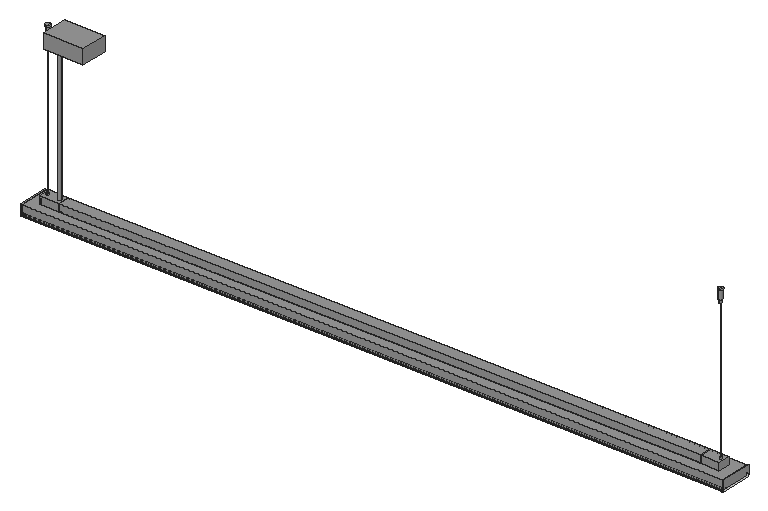
Revit family "Artemide_HoyLinearStandAlone", category Lighting Fixtures, Revit 2018
Family settings
  Round Connector Dimension = Use Diameter
  Part Type = Normal
  Work Plane-Based = Yes
  Always vertical = Yes
  Cut with Voids When Loaded = No
  Light Source = Yes
  Shared = No
  Room Calculation Point = No
Parameters (values of type "HoyLinearStandAlone_Suspended_DirectEmission_ 2309mm_4000K_Undimmable_White_BL55201")
  Wattage = 46 W
  built-in parameter 1150110 = 1 (stored number, unit not read)
  Voltage = "-"
  V_StructureForJunctionDirect+Indirect = no
  V_StructureForJunctionDirect = yes
  V_RightPowerSupplyReal [instance] = if(Ceiling, 1 = 0, V_RightPowerSupply)  # no
  V_RightPowerSupply [instance] = not(V_LeftPowerSupply)  # no
  V_RightEndCapFixing = if(and(not(Ceiling), V_RightEndCap), 1 = 1, 1 = 0)  # yes
  V_RightEndCap = yes
  V_LeftPowerSupplyReal [instance] = if(Ceiling, 1 = 0, V_LeftPowerSupply)  # yes
  V_LeftPowerSupply [instance] = yes
  V_LeftEndCapFixing = if(and(not(Ceiling), V_LeftEndCap), 1 = 1, 1 = 0)  # yes
  V_LeftEndCap = yes
  built-in parameter 1114217 = 1 (stored number, unit not read)
  Tilt Angle = 90.00°
  built-in parameter 1150109 = 1 (stored number, unit not read)
  built-in parameter 1150134 = 12
  Suspended = yes
  built-in parameter 1150113 = 1 (stored number, unit not read)
  Product Range = "Hoy Linear Stand Alone"
  Photometric Web File = "BL10201.IES"
  Max Height from ceiling = 0 mm
  M_StructureForJunctions = Artemide_Aluminum_White
  M_PowerSupply = Artemide_Aluminum_White
  M_Housing = Artemide_Aluminum_White
  M_Fixing = Artemide_Aluminum_Anodized
  M_Diffuser = Artemide_Glass_LightBulb
  built-in parameter 1150105 = 488.17 (stored number, unit not read)
  Lumens = 6134.56 lm
  built-in parameter 1150115 = 1 (stored number, unit not read)
  built-in parameter 1150137 = (empty or 0)
  built-in parameter 1150139 = (empty or 0)
  built-in parameter 1150112 = 1 (stored number, unit not read)
  built-in parameter 1150114 = 1 (stored number, unit not read)
  built-in parameter 1150132 = (empty or 0)
  built-in parameter 1150102 = (empty or 0)
  built-in parameter 1150107 = 4000 (stored number, unit not read)
  built-in parameter 1150138 = (empty or 0)
  built-in parameter 1150106 = 4.8817 (stored number, unit not read)
  IfcExportType = "NOT DEFINED"  # constant formula
  IfcExportAs = "IfcLightFixtureType"  # constant formula
  Weekly = "-"
  Warranty ID = "https://cloud.artemide.com/5-years-warranty"
  Upward Component  = 0
  Unified Glare Rating  = "-"
  Uniclass 2015 = "Pr_70_70_48"  # constant formula
  URL to O&M Manual = "-"
  URL to Energy Technology List = "-"
  Trim Material = "-"
  Trim Finish = "-"
  Trim Colour  = "-"
  Total Power = 0
  Total Light Output  = 0
  Testing method = "-"
  Supply Phase = 0
  Suitable for Photocell Control = "-"
  Suitable for Motion Detector Control = "N"
  Suitable for Dimming  = "N"
  Suitable Dimmer Type = "-"
  Standards = "-"
  Shipping Weight = 0
  Service life  = "-"
  Secondary Rated Lamp Life = 0
  Secondary Lamp Voltage = 0
  Secondary Lamp International Type Code = "-"
  Secondary Lamp Initial Lumens  = 0
  Secondary Lamp Included = "-"
  Secondary Lamp Efficacy = 0
  Secondary Lamp Colour Temperature = 0
  Secondary Lamp Colour Rendering Index = 0
  Secondary Lamp Cap = "-"
  Secondary Lamp = "N"
  Responsible Sourcing of Materials = "-"
  Responsible Extraction of Materials = "-"
  Reflector Material = "-"
  Reflector Finish = "-"
  Rated Lamp Life = 0
  Quarterly = "-"
  Product Model Number = "BL55201"
  Product Literature = "https://www.artemide.com/it/subfamily/4746412/hoy-linear-stand-alone"
  Primary Lamp Type = "LED"
  Power Supply Kit = "-"
  Power Factor = 0
  Photocell = "-"
  Overall Width = 100
  Overall Light Output Ratio = 0
  Overall Length = 2309
  Overall Height = 58
  Output Lumens Indirect light = 0
  Output Lumens Direct light = 6135
  Number of Secondary Lamps = 0
  Number of Primary Lamps = 0
  Number of Poles = 0
  Motion Sensor = "-"
  Motion Detector = "-"
  Monthly = "-"
  Minimum Operating Temperature = 0
  Maximum Operating Temperature = 0
  Material Ingredient Reporting = "-"
  Manufacturer Website = "https://www.artemide.com"
  Manufacturer = "Artemide"
  Maintenance Required: 8001-12000hrs  = "-"
  Maintenance Required: 601-1000hrs = "-"
  Maintenance Required: 4001-8000hrs  = "-"
  Maintenance Required: 301-600hrs  = "-"
  Maintenance Required: 2001-4000hrs  = "-"
  Maintenance Required: 1001-2000hrs  = "-"
  Maintenance Required: 0-300hrs  = "-"
  Luminance at 65deg Angle = 0
  Luminaire Type = "linear light"
  Luminaire Maintenance Factor = 0
  Luminaire Cleaning Interval  = "-"
  Louvre/Lens = "-"
  Location of Manufacturer = "-"
  Light Output Pattern = "-"
  Light Fixture Mounting Type = "Suspended"
  Life Cycle Analysis = "-"
  Lamp Survival Factor = "-"
  Lamp Replacement Interval = "-"
  Lamp Included = "N"
  Lamp Holder Material = "-"
  Lamp Cap = "LED Integrated"
  LED lifetime = 0
  LED Maintained Colour Variation         = 0
  LED Initial Colour Variation                      = 0
  International Type Code = "-"
  Intended Market = "Unset"
  Integral Fuse or Circuit Protection  = "-"
  Integral Emergency Lighting Battery Type = "-"
  Input Lumens Indirect light = 0
  Input Lumens Direct light = 7888
  Initial Lumens = 6135
  Infills = "-"
  IP Rating = "IP20"
  IK Rating = "-"
  IES Files  = "https://www.artemide.com/product/downloadFile/4750722/ieseu/4909650"
  Housing Material = "Aluminium"
  Housing Finish  = "Painted"
  Housing Colour  = "White"
  Hazardous Area Protection Type = "-"
  Hazardous Area Category = "-"
  Gross Weight = 0
  Green Guide for Specification = "-"
  Gasket Material = "-"
  Frequency  = 0
  Fixings = "-"
  Fixing Material = "-"
  Fire Shroud = "-"
  Fire Rating Duration = 0
  Fire Rated Temperature = 0
  Fire Rated = "-"
  Features = "Any additional components/accessories included in this file are required to complete the product/configuration and must be ordered separately.Please check the catalogue/dedicated brochure for more information"
  Face Width = 0
  Face Shape = "Rectangular"
  Face Length = 0
  External Control Line Voltage = 0
  Expected Life = "-"
  Environmental Product Declaration = "-"
  End Caps/Transition Caps/Joints = "-"
  Emit from Rectangle Width = 100 mm
  Emit from Rectangle Length = Distance_LengthLamp  # 2309 mm
  Emit Shape Visible in Rendering = no
  Emergency light output percentage = 0
  Emergency Lighting Battery = "-"
  Emergency Charging Power       = 0
  Emergency = "N"
  Embodied Carbon  = 0
  Efficiency = 78
  built-in parameter 1150104 = 12.39 (stored number, unit not read)
  Earth Point  = "-"
  ENEC Certification of European conformity = "N"
  Duration of Integral Emergency Lighting  = 0
  Drive Current                                          = 0
  Downward Component = 0
  Distance_LengthLamp = 2309 mm
  Distance_LampFromCeilingMax [instance] = if(Ceiling, 0 mm, Distance_LampFromCeiling)  # 500 mm
  Distance_LampFromCeiling [instance] = 500 mm
  Dimming Lamp Color Temperature Shift = <None>
  Diffusing screen = "-"
  Diffuser Material  = "-"
  Diffuser Finish = "-"
  Designed by = "Foster + Partners"
  Default Elevation = 1219.2 mm
  Daylight Sensor = "-"
  Daily = "-"
  Cut Out Width = 0
  Cut Out Length = 0
  Current  = 0
  Control Gear Type = "-"
  Control Gear Standby Power  = 0
  Control Gear Required = "-"
  Control Gear Location = "-"
  Column = "-"
  Colour Temperature = 4000
  Colour Rendering Index = 80
  Color Filter = 16777215
  Ceiling = no
  Cable Material = "-"
  CE Approval = "YES"
  Bespoke Timeframe = "-"
  Beam Angle Transverse Axis  = 0.00°
  Beam Angle Longditudinal Axis  = 0.00°
  Basis of lifetime luminaire failures        = 0
  Basis of lifetime lumen depreciation   = 0
  built-in parameter 1114218 = 1 (stored number, unit not read)
  built-in parameter 1150133 = 10 (stored number, unit not read)
  Application Environment = "Internal"
  Annually = "-"
  Ambient Temperature                             = 0
  Air Handling = "-"
  Access Clearance Top = 0
  Access Clearance Right = 0
  Access Clearance Rear = 0
  Access Clearance Left = 0
  Access Clearance Front = 0
  Access Clearance Bottom = 0
  6 Monthly = "-"
Reference planes
  plane 1 "Center (Front/Back)": y = 0
  plane 2: z = 0
  plane 3 "Center (Left/Right)": x = 0
  plane 4 "Top Lamp": z = -500
  plane 5: x = -1154.5
  plane 6: x = 1154.5
  plane 7 "Light": z = -535
Dimensions and locks
  equal spacing: plane 6, plane 3 "Center (Left/Right)", plane 5
  "Distance_LengthLamp": plane 5 to plane 6
  "Distance_LampFromCeilingMax": plane 2 to plane 4 "Top Lamp"
  locked: plane 4 "Top Lamp" to plane 7 "Light" at 35
  aligned and locked: level to plane 2
  aligned and locked: plane 3 "Center (Left/Right)" to nested 1
  aligned and locked: plane 1 "Center (Front/Back)" to nested 1
  aligned and locked: plane 3 "Center (Left/Right)" to nested 2
  aligned and locked: plane 1 "Center (Front/Back)" to nested 2
  aligned and locked: plane 3 "Center (Left/Right)" to nested 3
  aligned and locked: plane 1 "Center (Front/Back)" to nested 3
  aligned and locked: plane 3 "Center (Left/Right)" to imposter light
  aligned and locked: imposter light to plane 1 "Center (Front/Back)"
  aligned and locked: plane 7 "Light" to imposter light
  aligned and locked: plane 1 "Center (Front/Back)" to nested 4
  aligned and locked: plane 5 to nested 4
  aligned and locked: plane 1 "Center (Front/Back)" to nested 5
  aligned and locked: plane 5 to nested 5
  aligned and locked: nested 6 to plane 1 "Center (Front/Back)"
  aligned and locked: nested 6 to plane 6
Nested families
  nested 1: "Artemide_HoyLinearStandAlone_LinearModule_Direct_BasicGeometry" at (0, 0, 0), Distance_LampFromCeiling <- "Distance_LampFromCeilingMax", Distance_LengthLamp <- "Distance_LengthLamp", M_StructureForJunctions <- "M_StructureForJunctions", M_Housing <- "M_Housing", visible <- "V_StructureForJunctionDirect", type "Artemide_HoyLinearStandAlone_LinearModule_Direct_BasicGeometry"
    with M_StructureForJunctions Artemide_Aluminum_White, M_Housing Artemide_Aluminum_White, Distance_LengthLamp 2309 mm, Distance_LampFromCeiling 500 mm
  nested 2: "Artemide_HoyLinearStandAlone_ClosureForLights_Linear_BasicGeometry" at (0, 0, -500), Distance_LengthLamp <- "Distance_LengthLamp", M_ClosureForLight <- "M_Diffuser", type "Artemide_HoyLinearStandAlone_ClosureForLights_Linear_BasicGeometry"
    with M_ClosureForLight Artemide_Glass_LightBulb, Distance_LengthLamp 2309 mm
  nested 3: "Artemide_HoyLinearStandAlone_LinearModule_Direct+Indirect_BasicGeometry" at (0, 0, 0), Distance_LengthLamp <- "Distance_LengthLamp", Distance_LampFromCeiling <- "Distance_LampFromCeilingMax", M_StructureForJunctions <- "M_StructureForJunctions", M_Housing <- "M_Housing", visible <- "V_StructureForJunctionDirect+Indirect", type "Artemide_HoyLinearStandAlone_LinearModule_Direct+Indirect_BasicGeometry"
    with M_StructureForJunctions Artemide_Aluminum_White, M_Housing Artemide_Aluminum_White, Distance_LengthLamp 2309 mm, Distance_LampFromCeiling 500 mm
  nested 4: "Artemide_HoyLinearStandAlone_EndCap" at (-1154.5, 0, 0), V_EndCap <- "V_LeftEndCap", V_EndCapFixing <- "V_LeftEndCapFixing", Distance_LampFromCeiling <- "Distance_LampFromCeilingMax", M_StructureForJunctions <- "M_StructureForJunctions", M_Fixing <- "M_Fixing", type "Artemide_HoyLinearStandAlone_EndCap"
    with V_EndCapFixing yes, V_EndCap yes, M_StructureForJunctions Artemide_Aluminum_White, M_Fixing Artemide_Aluminum_Anodized, Distance_LampFromCeiling 500 mm
  nested 5: "Artemide_HoyLinearStandAlone_PowerSupply" at (-1154.5, 0, 0), V_PowerSupply <- "V_LeftPowerSupplyReal", Distance_LampFromCeiling <- "Distance_LampFromCeilingMax", M_PowerSupply <- "M_PowerSupply", type "Artemide_HoyLinearStandAlone_PowerSupply"
    with V_PowerSupply yes, M_PowerSupply Artemide_Aluminum_White, Distance_LampFromCeiling 500 mm
  nested 6: "Artemide_HoyLinearStandAlone_EndCap" at (1154.5, 0, 0) x (-1, 0, 0) z (0, 0, 1), V_EndCap <- "V_RightEndCap", V_EndCapFixing <- "V_RightEndCapFixing", Distance_LampFromCeiling <- "Distance_LampFromCeilingMax", M_StructureForJunctions <- "M_StructureForJunctions", M_Fixing <- "M_Fixing", type "Artemide_HoyLinearStandAlone_EndCap"
    with V_EndCapFixing yes, V_EndCap yes, M_StructureForJunctions Artemide_Aluminum_White, M_Fixing Artemide_Aluminum_Anodized, Distance_LampFromCeiling 500 mm
  nested 7: "Artemide_HoyLinearStandAlone_PowerSupply" at (577, 0, 0) x (-1, 0, 0) z (0, 0, 1), V_PowerSupply <- "V_RightPowerSupplyReal", Distance_LampFromCeiling <- "Distance_LampFromCeilingMax", M_PowerSupply <- "M_PowerSupply", type "Artemide_HoyLinearStandAlone_PowerSupply"
    with V_PowerSupply no, M_PowerSupply Artemide_Aluminum_White, Distance_LampFromCeiling 500 mm
Definition of nested family "Artemide_HoyLinearStandAlone_LinearModule_Direct_BasicGeometry"
  Parameters (values of type "Artemide_HoyLinearStandAlone_LinearModule_Direct_BasicGeometry")
    M_StructureForJunctions [instance] = none
    M_Housing [instance] = none
    Distance_LengthLamp [instance] = 1153.917 mm
    Distance_LampFromCeiling [instance] = 500 mm
    Default Elevation = 1219.2 mm
  Reference planes
    plane 1 "Center (Front/Back)": y = 0
    plane 2: z = 0
    plane 3 "Center (Left/Right)": x = 0
    plane 4: x = -576.958
    plane 5: x = 576.958
    plane 6: x = -475.958
    plane 7: x = 475.958
    plane 8: z = -500
    plane 9: z = -502
    plane 10: z = -503.9
    plane 11: z = -505.9
    plane 12: z = -508.2
    plane 13: z = -510.2
    plane 14: z = -512.5
    plane 15: z = -514.5
    plane 16: z = -521.7
    plane 17: z = -524
    plane 18: z = -526
    plane 19: z = -548.7
    plane 20: z = -549.9
    plane 21: z = -552.7
    plane 22: z = -554.5
    plane 23: z = -554.5
    plane 24: y = 20
    plane 25: y = 18
    plane 26: y = 16
    plane 27: y = 50
    plane 28: y = 48.2
    plane 29: y = 46.4
    plane 30: z = -528.105
    plane 31: z = -529.161
    plane 32: y = -20
    plane 33: y = -18
    plane 34: y = -16
    plane 35: y = -50
    plane 36: y = -48.2
    plane 37: y = -46.4
    plane 38: y = 48.8
    plane 39: y = -48.8
    plane 40: x = -573.458
    plane 41: x = 573.458
  Forms (mm)
    Extrusion 1, solid, material <- "M_StructureForJunctions"
      sketch origin (0, 0, 0) x (0, 1, 0) y (0, 0, 1)
        loop
          line (20, -500) -> (-20, -500) -> (-20, -523.3) -> (-19.183, -524) -> (-16, -524) -> (-16, -522.509) -> (-16.809, -521.7) -> (-18, -521.7) -> (-18, -514.5) -> (-16, -514.5) -> (-16, -512.5) -> (-18, -512.5) -> (-18, -510.2) -> (-16, -510.2) -> (-16, -508.2) -> (-18, -508.2) -> (-18, -505.9) -> (-16, -505.9) -> (-16, -503.9) -> (-18, -503.9) -> (-18, -502) -> (18, -502) -> (18, -503.9) -> (16, -503.9) -> (16, -505.9) -> (18, -505.9) -> (18, -508.2) -> (16, -508.2) -> (16, -510.2) -> (18, -510.2) -> (18, -512.5) -> (16, -512.5) -> (16, -514.5) -> (18, -514.5) -> (18, -521.7) -> (16.809, -521.7) -> (16, -522.509) -> (16, -524) -> (19.183, -524) -> (20, -523.3) -> (20, -500)
      from -475.958 to 475.958
    Extrusion 2, solid, material <- "M_Housing"
      sketch origin (0, 0, 0) x (0, 1, 0) y (0, 0, 1)
        loop
          line (50, -524) -> (-50, -524) -> (-50, -554.5) -> (-46.4, -554.5) -> (-46.4, -552.7) -> (-48.8, -552.7) -> (-48.8, -549.9) -> (-46.4, -549.9) -> (-46.4, -548.7) -> (-48.2, -548.7) -> (-48.2, -526) -> (48.2, -526) -> (48.2, -548.7) -> (46.4, -548.7) -> (46.4, -549.9) -> (48.8, -549.9) -> (48.8, -552.7) -> (46.4, -552.7) -> (46.4, -554.5) -> (50, -554.5) -> (50, -524)
      from -573.458 to 573.458
    Extrusion 3, solid, material <- "M_Housing"
      sketch origin (0, 0, 0) x (0, 1, 0) y (0, 0, 1)
        loop
          line (48.2, -548.7) -> (48.2, -547.911) -> (29.731, -528.105) -> (-29.731, -528.105) -> (-48.2, -547.911) -> (-48.2, -548.7) -> (-47.3, -548.7) -> (-29.08, -529.161) -> (29.08, -529.161) -> (47.3, -548.7) -> (48.2, -548.7)
      from -573.458 to 573.458
  Dimensions and locks
    equal spacing: plane 4, plane 3 "Center (Left/Right)", plane 5
    "Distance_LengthLamp": plane 5 to plane 4
    plane 4 to plane 40 to plane 6 = 3.5 mm locked, 97.5 mm locked
    plane 5 to plane 41 to plane 7 = 3.5 mm locked, 97.5 mm locked
    "Distance_LampFromCeiling": plane 2 to plane 8
    plane 8 to plane 9 to plane 10 to plane 11 to plane 12 to plane 13 to plane 14 to plane 15 to plane 16 to plane 17 to plane 18 to plane 30 to plane 31 to plane 19 to plane 20 to plane 21 to plane 23 = 2 mm locked, 1.9 mm locked, 2 mm locked, 2.3 mm locked, 2 mm locked, 2.3 mm locked, 2 mm locked, 7.2 mm locked, 2.3 mm locked, 2 mm locked, 2.105 mm locked, 1.056 mm locked, 19.539 mm locked, 1.2 mm locked, 2.8 mm locked, 1.8 mm locked
    plane 27 to plane 38 to plane 28 to plane 29 to plane 24 to plane 25 to plane 26 to plane 1 "Center (Front/Back)" = 1.2 mm locked, 0.6 mm locked, 1.8 mm locked, 26.4 mm locked, 2 mm locked, 2 mm locked, 16 mm locked
    plane 35 to plane 39 to plane 36 to plane 37 to plane 32 to plane 33 to plane 34 to plane 1 "Center (Front/Back)" = 1.2 mm locked, 0.6 mm locked, 1.8 mm locked, 26.4 mm locked, 2 mm locked, 2 mm locked, 16 mm locked
    aligned and locked: level to plane 2
    aligned and locked: Extrusion 1 sketch curve to plane 8
    aligned and locked: plane 32 to Extrusion 1 sketch curve
    aligned and locked: plane 17 to Extrusion 1 sketch curve
    aligned and locked: Extrusion 1 sketch curve to plane 34  (x3)
    aligned and locked: Extrusion 1 sketch curve to plane 33  (x4)
    aligned and locked: plane 15 to Extrusion 1 sketch curve
    aligned and locked: Extrusion 1 sketch curve to plane 14
    aligned and locked: Extrusion 1 sketch curve to plane 12
    aligned and locked: Extrusion 1 sketch curve to plane 10
    aligned and locked: plane 9 to Extrusion 1 sketch curve
    aligned and locked: plane 25 to Extrusion 1 sketch curve  (x4)
    aligned and locked: plane 10 to Extrusion 1 sketch curve
    aligned and locked: plane 26 to Extrusion 1 sketch curve  (x4)
    aligned and locked: Extrusion 1 sketch curve to plane 11
    aligned and locked: plane 12 to Extrusion 1 sketch curve
    aligned and locked: Extrusion 1 sketch curve to plane 13
    aligned and locked: plane 14 to Extrusion 1 sketch curve
    aligned and locked: Extrusion 1 sketch curve to plane 15
    aligned and locked: plane 16 to Extrusion 1 sketch curve
    aligned and locked: Extrusion 1 sketch curve to plane 17
    aligned and locked: Extrusion 1 sketch curve to plane 24
    aligned and locked: plane 6 to Extrusion 1
    aligned and locked: plane 7 to Extrusion 1
    aligned and locked: Extrusion 2 sketch curve to plane 27
    aligned and locked: Extrusion 2 sketch curve to plane 23
    aligned and locked: plane 29 to Extrusion 2 sketch curve  (x2)
    aligned and locked: plane 21 to Extrusion 2 sketch curve
    aligned and locked: Extrusion 2 sketch curve to plane 38
    aligned and locked: Extrusion 2 sketch curve to plane 20
    aligned and locked: plane 19 to Extrusion 2 sketch curve
    aligned and locked: plane 28 to Extrusion 2 sketch curve
    aligned and locked: Extrusion 2 sketch curve to plane 18
    aligned and locked: Extrusion 2 sketch curve to plane 17
    aligned and locked: plane 35 to Extrusion 2 sketch curve
    aligned and locked: plane 23 to Extrusion 2 sketch curve
    aligned and locked: Extrusion 2 sketch curve to plane 37  (x2)
    aligned and locked: Extrusion 2 sketch curve to plane 21
    aligned and locked: plane 39 to Extrusion 2 sketch curve
    aligned and locked: plane 20 to Extrusion 2 sketch curve
    aligned and locked: Extrusion 2 sketch curve to plane 19
    aligned and locked: Extrusion 2 sketch curve to plane 36
    aligned and locked: plane 40 to Extrusion 2
    aligned and locked: plane 41 to Extrusion 2
    aligned and locked: Extrusion 2 to plane 41
    aligned and locked: Extrusion 2 to plane 40
    aligned and locked: Extrusion 3 sketch curve to plane 19
    aligned and locked: plane 28 to Extrusion 3 sketch curve
    aligned and locked: Extrusion 3 sketch curve to plane 30
    aligned and locked: Extrusion 3 sketch curve to plane 31
    aligned and locked: plane 19 to Extrusion 3 sketch curve
    aligned and locked: Extrusion 3 sketch curve to plane 36
    aligned and locked: plane 40 to Extrusion 3
    aligned and locked: plane 41 to Extrusion 3
  Automatic sketch dimensions
    Extrusion 1 sketch curve to plane 16 = 0 mm
    Extrusion 1 sketch curve to plane 11 = 0 mm
    Extrusion 1 sketch curve to plane 13 = 0 mm
    Extrusion 1 sketch curve to plane 34 = 0 mm
    plane 32 to Extrusion 1 sketch curve = 0.817 mm
    Extrusion 1 sketch curve to plane 34 = 0.809 mm
    Extrusion 1 sketch curve to plane 26 = 0.809 mm
    plane 24 to Extrusion 1 sketch curve = 0.817 mm
    plane 17 to Extrusion 1 sketch curve = 0.7 mm  (x2)
    Extrusion 1 sketch curve to plane 16 = 0.809 mm  (x2)
    Extrusion 3 sketch curve to Extrusion 3 sketch curve = 0.9 mm
    Extrusion 3 sketch curve to plane 24 = 9.08 mm
    Extrusion 3 sketch curve to Extrusion 3 sketch curve = 0.651 mm  (x2)
    plane 28 to Extrusion 3 sketch curve = 0.9 mm
    plane 19 to Extrusion 3 sketch curve = 0.789 mm  (x2)
    Extrusion 3 sketch curve to plane 32 = 9.731 mm
Definition of nested family "Artemide_HoyLinearStandAlone_ClosureForLights_Linear_BasicGeometry"
  Parameters (values of type "Artemide_HoyLinearStandAlone_ClosureForLights_Linear_BasicGeometry")
    M_ClosureForLight [instance] = none
    Distance_LengthLamp [instance] = 1154 mm
    Default Elevation = 1219.2 mm
  Reference planes
    plane 1 "Center (Front/Back)": y = 0
    plane 2: z = 0
    plane 3 "Center (Left/Right)": x = 0
    plane 4: z = -50.5
    plane 5: z = -52.2
    plane 6: z = -54.4
    plane 7: z = -54.9
    plane 8: z = -55.4
    plane 9: z = -58.4
    plane 10: y = 50
    plane 11: y = 48.35
    plane 12: y = 43
    plane 13: y = 44.05
    plane 14: y = 45.85
    plane 15: y = -50
    plane 16: y = -48.35
    plane 17: y = -43
    plane 18: y = -44.05
    plane 19: y = -45.85
    plane 20: x = -577
    plane 21: x = 577
  Forms (mm)
    Extrusion 1, solid, material <- "M_ClosureForLight"
      sketch origin (0, 0, 0) x (0, 1, 0) y (0, 0, 1)
        loop
          line (43, -52.2) -> (44.05, -52.2) -> (44.05, -54.4) -> (-44.05, -54.4) -> (-44.05, -52.2) -> (-43, -52.2) -> (-43, -50.5) -> (-47.836, -50.5)
          arc (-47.836, -50.5) -> (-48.2, -50.65) -> (-48.35, -51.014) r 0.514
          line (-48.35, -51.014) -> (-48.35, -51.797)
          arc (-48.35, -51.797) -> (-48.203, -52.153) -> (-47.847, -52.3) r 0.503
          line (-47.847, -52.3) -> (-46.364, -52.3)
          arc (-46.364, -52.3) -> (-46.001, -52.451) -> (-45.85, -52.814) r 0.514
          line (-45.85, -52.814) -> (-45.85, -54.393)
          arc (-45.85, -54.393) -> (-45.999, -54.751) -> (-46.357, -54.9) r 0.507
          line (-46.357, -54.9) -> (-48.039, -54.9) -> (-48.686, -55.4) -> (-49.469, -55.4)
          arc (-49.469, -55.4) -> (-49.844, -55.556) -> (-50, -55.931) r 0.531
          line (-50, -55.931) -> (-50, -57.876)
          arc (-50, -57.876) -> (-49.847, -58.247) -> (-49.476, -58.4) r 0.524
          line (-49.476, -58.4) -> (49.476, -58.4)
          arc (49.476, -58.4) -> (49.847, -58.247) -> (50, -57.876) r 0.524
          line (50, -57.876) -> (50, -55.931)
          arc (50, -55.931) -> (49.844, -55.556) -> (49.469, -55.4) r 0.531
          line (49.469, -55.4) -> (48.664, -55.4) -> (48.039, -54.9) -> (46.357, -54.9)
          arc (46.357, -54.9) -> (45.999, -54.751) -> (45.85, -54.393) r 0.507
          line (45.85, -54.393) -> (45.85, -52.814)
          arc (45.85, -52.814) -> (46.001, -52.451) -> (46.364, -52.3) r 0.514
          line (46.364, -52.3) -> (47.847, -52.3)
          arc (47.847, -52.3) -> (48.203, -52.153) -> (48.35, -51.797) r 0.503
          line (48.35, -51.797) -> (48.35, -51.014)
          arc (48.35, -51.014) -> (48.2, -50.65) -> (47.836, -50.5) r 0.514
          line (47.836, -50.5) -> (43, -50.5) -> (43, -52.2)
      from -577 to 577
  Dimensions and locks
    plane 2 to plane 4 to plane 5 to plane 6 to plane 7 to plane 8 to plane 9 = 50.5 mm locked, 1.7 mm locked, 2.2 mm locked, 0.5 mm locked, 0.5 mm locked, 3 mm locked
    plane 10 to plane 11 to plane 14 to plane 13 to plane 12 to plane 1 "Center (Front/Back)" = 1.65 mm locked, 2.5 mm locked, 1.8 mm locked, 1.05 mm locked, 43 mm locked
    plane 15 to plane 16 to plane 19 to plane 18 to plane 17 to plane 1 "Center (Front/Back)" = 1.65 mm locked, 2.5 mm locked, 1.8 mm locked, 1.05 mm locked, 43 mm locked
    equal spacing: plane 21, plane 3 "Center (Left/Right)", plane 20
    "Distance_LengthLamp": plane 21 to plane 20
    aligned and locked: level to plane 2
    aligned and locked: Extrusion 1 to plane 20
    aligned and locked: Extrusion 1 to plane 21
  Automatic sketch dimensions
    Extrusion 1 sketch curve to plane 15 = 0 mm
    Extrusion 1 sketch curve to plane 9 = 0 mm
    Extrusion 1 sketch curve to plane 8 = 0 mm  (x2)
    Extrusion 1 sketch curve to plane 16 = 0 mm
    Extrusion 1 sketch curve to plane 7 = 0 mm  (x2)
    Extrusion 1 sketch curve to plane 4 = 0 mm  (x2)
    Extrusion 1 sketch curve to plane 19 = 0 mm
    Extrusion 1 sketch curve to plane 6 = 0 mm
    Extrusion 1 sketch curve to plane 18 = 0 mm
    Extrusion 1 sketch curve to plane 5 = 0 mm  (x2)
    Extrusion 1 sketch curve to plane 17 = 0 mm
    Extrusion 1 sketch curve to plane 12 = 0 mm
    Extrusion 1 sketch curve to plane 13 = 0 mm
    Extrusion 1 sketch curve to plane 14 = 0 mm
    Extrusion 1 sketch curve to plane 11 = 0 mm
    Extrusion 1 sketch curve to plane 10 = 0 mm
    plane 9 to Extrusion 1 sketch curve = 0.524 mm  (x2)
    Extrusion 1 sketch curve to plane 15 = 0.531 mm
    plane 16 to Extrusion 1 sketch curve = 0.336 mm
    Extrusion 1 sketch curve to plane 16 = 0.311 mm
    Extrusion 1 sketch curve to plane 5 = 0.1 mm
    Extrusion 1 sketch curve to plane 16 = 0.503 mm
    Extrusion 1 sketch curve to plane 4 = 0.514 mm
    plane 19 to Extrusion 1 sketch curve = 0.514 mm
    plane 6 to Extrusion 1 sketch curve = 0.007 mm  (x2)
    Extrusion 1 sketch curve to Extrusion 1 sketch curve = 0.514 mm
    Extrusion 1 sketch curve to plane 11 = 0.514 mm
    plane 5 to Extrusion 1 sketch curve = 0.403 mm
    Extrusion 1 sketch curve to Extrusion 1 sketch curve = 0.503 mm
    Extrusion 1 sketch curve to plane 11 = 0.311 mm
    plane 11 to Extrusion 1 sketch curve = 0.314 mm
    Extrusion 1 sketch curve to plane 10 = 0.531 mm
Definition of nested family "Artemide_HoyLinearStandAlone_LinearModule_Direct+Indirect_BasicGeometry"
  Parameters (values of type "Artemide_HoyLinearStandAlone_LinearModule_Direct+Indirect_BasicGeometry")
    M_StructureForJunctions [instance] = none
    M_Housing [instance] = none
    Distance_LengthLamp [instance] = 1153.917 mm
    Distance_LampFromCeiling [instance] = 500 mm
    Default Elevation = 1219.2 mm
  Reference planes
    plane 1 "Center (Front/Back)": y = 0
    plane 2: z = 0
    plane 3 "Center (Left/Right)": x = 0
    plane 4: x = -576.958
    plane 5: x = 576.958
    plane 6: x = -475.958
    plane 7: x = 475.958
    plane 8: z = -500
    plane 9: z = -502
    plane 10: z = -503.9
    plane 11: z = -505.9
    plane 12: z = -508.2
    plane 13: z = -510.2
    plane 14: z = -512.5
    plane 15: z = -514.5
    plane 16: z = -521.7
    plane 17: z = -524
    plane 18: z = -526
    plane 19: z = -548.7
    plane 20: z = -549.9
    plane 21: z = -552.7
    plane 22: z = -554.5
    plane 23: z = -554.5
    plane 24: y = 20
    plane 25: y = 18
    plane 26: y = 16
    plane 27: y = 50
    plane 28: y = 48.2
    plane 29: y = 46.4
    plane 30: z = -528.105
    plane 31: z = -529.161
    plane 32: y = -20
    plane 33: y = -18
    plane 34: y = -16
    plane 35: y = -50
    plane 36: y = -48.2
    plane 37: y = -46.4
    plane 38: y = 48.8
    plane 39: y = -48.8
    plane 40: x = -573.458
    plane 41: x = 573.458
    plane 42: x = -377.5
    plane 43: x = -87.5
    plane 44: x = 377.5
    plane 45: x = 87.5
    plane 46: y = 11.2
    plane 47: y = -11.2
  Forms (mm)
    Extrusion 1, solid, material <- "M_StructureForJunctions"
      sketch origin (0, 0, 0) x (0, 1, 0) y (0, 0, 1)
        loop
          line (20, -500) -> (-20, -500) -> (-20, -523.3) -> (-19.183, -524) -> (-16, -524) -> (-16, -522.509) -> (-16.809, -521.7) -> (-18, -521.7) -> (-18, -514.5) -> (-16, -514.5) -> (-16, -512.5) -> (-18, -512.5) -> (-18, -510.2) -> (-16, -510.2) -> (-16, -508.2) -> (-18, -508.2) -> (-18, -505.9) -> (-16, -505.9) -> (-16, -503.9) -> (-18, -503.9) -> (-18, -502) -> (18, -502) -> (18, -503.9) -> (16, -503.9) -> (16, -505.9) -> (18, -505.9) -> (18, -508.2) -> (16, -508.2) -> (16, -510.2) -> (18, -510.2) -> (18, -512.5) -> (16, -512.5) -> (16, -514.5) -> (18, -514.5) -> (18, -521.7) -> (16.809, -521.7) -> (16, -522.509) -> (16, -524) -> (19.183, -524) -> (20, -523.3) -> (20, -500)
      from -475.958 to 475.958
    Extrusion 2, solid, material <- "M_Housing"
      sketch origin (0, 0, 0) x (0, 1, 0) y (0, 0, 1)
        loop
          line (50, -524) -> (-50, -524) -> (-50, -554.5) -> (-46.4, -554.5) -> (-46.4, -552.7) -> (-48.8, -552.7) -> (-48.8, -549.9) -> (-46.4, -549.9) -> (-46.4, -548.7) -> (-48.2, -548.7) -> (-48.2, -526) -> (48.2, -526) -> (48.2, -548.7) -> (46.4, -548.7) -> (46.4, -549.9) -> (48.8, -549.9) -> (48.8, -552.7) -> (46.4, -552.7) -> (46.4, -554.5) -> (50, -554.5) -> (50, -524)
      from -573.458 to 573.458
    Extrusion 3, solid, material <- "M_Housing"
      sketch origin (0, 0, 0) x (0, 1, 0) y (0, 0, 1)
        loop
          line (48.2, -548.7) -> (48.2, -547.911) -> (29.731, -528.105) -> (-29.731, -528.105) -> (-48.2, -547.911) -> (-48.2, -548.7) -> (-47.3, -548.7) -> (-29.08, -529.161) -> (29.08, -529.161) -> (47.3, -548.7) -> (48.2, -548.7)
      from -573.458 to 573.458
    Extrusion 4, void
      sketch origin (0, 0, 0) x (1, 0, 0) y (0, 1, 0)
        loop
          line (-91.5, 11.2) -> (-373.5, 11.2)
          arc (-373.5, 11.2) -> (-376.328, 10.028) -> (-377.5, 7.2) r 4
          line (-377.5, 7.2) -> (-377.5, -7.2)
          arc (-377.5, -7.2) -> (-376.328, -10.028) -> (-373.5, -11.2) r 4
          line (-373.5, -11.2) -> (-91.5, -11.2)
          arc (-91.5, -11.2) -> (-88.672, -10.028) -> (-87.5, -7.2) r 4
          line (-87.5, -7.2) -> (-87.5, 7.2)
          arc (-87.5, 7.2) -> (-88.672, 10.028) -> (-91.5, 11.2) r 4
        loop
          line (373.5, 11.2) -> (91.5, 11.2)
          arc (91.5, 11.2) -> (88.672, 10.028) -> (87.5, 7.2) r 4
          line (87.5, 7.2) -> (87.5, -7.2)
          arc (87.5, -7.2) -> (88.672, -10.028) -> (91.5, -11.2) r 4
          line (91.5, -11.2) -> (373.5, -11.2)
          arc (373.5, -11.2) -> (376.328, -10.028) -> (377.5, -7.2) r 4
          line (377.5, -7.2) -> (377.5, 7.2)
          arc (377.5, 7.2) -> (376.328, 10.028) -> (373.5, 11.2) r 4
      from -529.161 to -500
  Cuts and joins
    Extrusion 4 cuts Extrusion 1
    Extrusion 4 cuts Extrusion 2
    Extrusion 4 cuts Extrusion 3
  Dimensions and locks
    equal spacing: plane 4, plane 3 "Center (Left/Right)", plane 5
    "Distance_LengthLamp": plane 5 to plane 4
    plane 4 to plane 40 to plane 6 = 3.5 mm locked, 97.5 mm locked
    plane 5 to plane 41 to plane 7 = 3.5 mm locked, 97.5 mm locked
    "Distance_LampFromCeiling": plane 2 to plane 8
    plane 8 to plane 9 to plane 10 to plane 11 to plane 12 to plane 13 to plane 14 to plane 15 to plane 16 to plane 17 to plane 18 to plane 30 to plane 31 to plane 19 to plane 20 to plane 21 to plane 23 = 2 mm locked, 1.9 mm locked, 2 mm locked, 2.3 mm locked, 2 mm locked, 2.3 mm locked, 2 mm locked, 7.2 mm locked, 2.3 mm locked, 2 mm locked, 2.105 mm locked, 1.056 mm locked, 19.539 mm locked, 1.2 mm locked, 2.8 mm locked, 1.8 mm locked
    plane 27 to plane 38 to plane 28 to plane 29 to plane 24 to plane 25 to plane 26 to plane 1 "Center (Front/Back)" = 1.2 mm locked, 0.6 mm locked, 1.8 mm locked, 26.4 mm locked, 2 mm locked, 2 mm locked, 16 mm locked
    plane 35 to plane 39 to plane 36 to plane 37 to plane 32 to plane 33 to plane 34 to plane 1 "Center (Front/Back)" = 1.2 mm locked, 0.6 mm locked, 1.8 mm locked, 26.4 mm locked, 2 mm locked, 2 mm locked, 16 mm locked
    locked: plane 43 to plane 3 "Center (Left/Right)" at 87.5
    locked: plane 3 "Center (Left/Right)" to plane 45 at 87.5
    locked: plane 6 to plane 42 at 98.458
    locked: plane 44 to plane 7 at 98.458
    locked: plane 1 "Center (Front/Back)" to plane 46 at 11.2
    locked: plane 47 to plane 1 "Center (Front/Back)" at 11.2
    aligned and locked: level to plane 2
    aligned and locked: Extrusion 1 sketch curve to plane 8
    aligned and locked: plane 32 to Extrusion 1 sketch curve
    aligned and locked: plane 17 to Extrusion 1 sketch curve
    aligned and locked: Extrusion 1 sketch curve to plane 34  (x3)
    aligned and locked: Extrusion 1 sketch curve to plane 33  (x4)
    aligned and locked: plane 15 to Extrusion 1 sketch curve
    aligned and locked: Extrusion 1 sketch curve to plane 14
    aligned and locked: Extrusion 1 sketch curve to plane 12
    aligned and locked: Extrusion 1 sketch curve to plane 10
    aligned and locked: plane 9 to Extrusion 1 sketch curve
    aligned and locked: plane 25 to Extrusion 1 sketch curve  (x4)
    aligned and locked: plane 10 to Extrusion 1 sketch curve
    aligned and locked: plane 26 to Extrusion 1 sketch curve  (x4)
    aligned and locked: Extrusion 1 sketch curve to plane 11
    aligned and locked: plane 12 to Extrusion 1 sketch curve
    aligned and locked: Extrusion 1 sketch curve to plane 13
    aligned and locked: plane 14 to Extrusion 1 sketch curve
    aligned and locked: Extrusion 1 sketch curve to plane 15
    aligned and locked: plane 16 to Extrusion 1 sketch curve
    aligned and locked: Extrusion 1 sketch curve to plane 17
    aligned and locked: Extrusion 1 sketch curve to plane 24
    aligned and locked: plane 6 to Extrusion 1
    aligned and locked: plane 7 to Extrusion 1
    aligned and locked: Extrusion 2 sketch curve to plane 27
    aligned and locked: Extrusion 2 sketch curve to plane 23
    aligned and locked: plane 29 to Extrusion 2 sketch curve  (x2)
    aligned and locked: plane 21 to Extrusion 2 sketch curve
    aligned and locked: Extrusion 2 sketch curve to plane 38
    aligned and locked: Extrusion 2 sketch curve to plane 20
    aligned and locked: plane 19 to Extrusion 2 sketch curve
    aligned and locked: plane 28 to Extrusion 2 sketch curve
    aligned and locked: Extrusion 2 sketch curve to plane 18
    aligned and locked: Extrusion 2 sketch curve to plane 17
    aligned and locked: plane 35 to Extrusion 2 sketch curve
    aligned and locked: plane 23 to Extrusion 2 sketch curve
    aligned and locked: Extrusion 2 sketch curve to plane 37  (x2)
    aligned and locked: Extrusion 2 sketch curve to plane 21
    aligned and locked: plane 39 to Extrusion 2 sketch curve
    aligned and locked: plane 20 to Extrusion 2 sketch curve
    aligned and locked: Extrusion 2 sketch curve to plane 19
    aligned and locked: Extrusion 2 sketch curve to plane 36
    aligned and locked: plane 40 to Extrusion 2
    aligned and locked: plane 41 to Extrusion 2
    aligned and locked: Extrusion 2 to plane 41
    aligned and locked: Extrusion 2 to plane 40
    aligned and locked: Extrusion 3 sketch curve to plane 19
    aligned and locked: plane 28 to Extrusion 3 sketch curve
    aligned and locked: Extrusion 3 sketch curve to plane 30
    aligned and locked: Extrusion 3 sketch curve to plane 31
    aligned and locked: plane 19 to Extrusion 3 sketch curve
    aligned and locked: Extrusion 3 sketch curve to plane 36
    aligned and locked: plane 40 to Extrusion 3
    aligned and locked: plane 41 to Extrusion 3
    aligned and locked: plane 42 to Extrusion 4 sketch curve
    aligned and locked: Extrusion 4 sketch curve to plane 46  (x2)
    aligned and locked: plane 47 to Extrusion 4 sketch curve  (x2)
    aligned and locked: Extrusion 4 sketch curve to plane 43
    aligned and locked: Extrusion 4 sketch curve to plane 45
    aligned and locked: plane 44 to Extrusion 4 sketch curve
    aligned and locked: plane 8 to Extrusion 4
    aligned and locked: Extrusion 4 to plane 31
  Automatic sketch dimensions
    Extrusion 1 sketch curve to plane 16 = 0 mm
    Extrusion 1 sketch curve to plane 11 = 0 mm
    Extrusion 1 sketch curve to plane 13 = 0 mm
    Extrusion 1 sketch curve to plane 34 = 0 mm
    plane 32 to Extrusion 1 sketch curve = 0.817 mm
    Extrusion 1 sketch curve to plane 34 = 0.809 mm
    Extrusion 1 sketch curve to plane 26 = 0.809 mm
    plane 24 to Extrusion 1 sketch curve = 0.817 mm
    plane 17 to Extrusion 1 sketch curve = 0.7 mm  (x2)
    Extrusion 1 sketch curve to plane 16 = 0.809 mm  (x2)
    Extrusion 3 sketch curve to Extrusion 3 sketch curve = 0.9 mm
    Extrusion 3 sketch curve to plane 24 = 9.08 mm
    Extrusion 3 sketch curve to Extrusion 3 sketch curve = 0.651 mm  (x2)
    plane 28 to Extrusion 3 sketch curve = 0.9 mm
    plane 19 to Extrusion 3 sketch curve = 0.789 mm  (x2)
    Extrusion 3 sketch curve to plane 32 = 9.731 mm
    Extrusion 4 sketch curve to plane 42 = 4 mm  (x2)
    plane 43 to Extrusion 4 sketch curve = 4 mm  (x2)
    plane 45 to Extrusion 4 sketch curve = 4 mm  (x2)
    Extrusion 4 sketch curve to plane 44 = 4 mm  (x2)
Definition of nested family "Artemide_HoyLinearStandAlone_EndCap"
  Parameters (values of type "Artemide_HoyLinearStandAlone_EndCap")
    V_EndCapFixing [instance] = yes
    V_EndCap [instance] = yes
    M_StructureForJunctions [instance] = none
    M_Fixing [instance] = none
    Distance_LampFromCeiling [instance] = 500 mm
    Default Elevation = 1219.2 mm
  Reference planes
    plane 1 "Center (Front/Back)": y = 0
    plane 2: z = 0
    plane 3 "Center (Left/Right)": x = 0
    plane 4: z = -43
    plane 5: z = -496.1
    plane 6: z = -500
    plane 7: z = -502
    plane 8: z = -523.939
    plane 9: z = -554.552
    plane 10: y = 50.061
    plane 11: y = -50.061
    plane 12: y = 20
    plane 13: y = 18
    plane 14: y = 2.497
    plane 15: y = -20
    plane 16: y = -18
    plane 17: y = -2.497
    plane 18: x = 101
    plane 19: x = 3.5
    plane 20 "Axis Fixing": x = 51
    plane 21 "Center L/T": x = 40.297
    plane 22 "Center L/U": x = 42.297
  Forms (mm)
    Extrusion 1, solid, material <- "M_StructureForJunctions", visible <- "V_EndCap"
      sketch origin (0, 0, 0) x (0, 1, 0) y (0, 0, 1)
        loop
          line (20, -500) -> (-20, -500) -> (-20, -523.939) -> (-18, -523.939) -> (-18, -502) -> (18, -502) -> (18, -523.939) -> (20, -523.939) -> (20, -500)
      from 40.297 to 101
    Extrusion 2, solid, material <- "M_Fixing", visible <- "V_EndCapFixing"
      sketch origin (0, 0, 0) x (1, 0, 0) y (0, 1, 0)
        loop
          circle (51, 0) r 0.4
      from -496.1 to -43
    Extrusion 3, solid, material <- "M_StructureForJunctions", visible <- "V_EndCap"
      sketch origin (0, 0, 0) x (0, 1, 0) y (0, 0, 1)
        loop
          line (50.061, -523.939) -> (-50.061, -523.939) -> (-50.061, -554.552) -> (50.061, -554.552) -> (50.061, -523.939)
      from 0 to 3.5
    Revolve 4, solid, material <- "M_Fixing", visible <- "V_EndCapFixing"
      sketch origin (51, 0, 0) x (0, 0, -1) y (0, -1, 0)
        loop
          line (0, 0) -> (43, 0) -> (43, 3.5) -> (32, 3.5) -> (32, 5) -> (30, 5) -> (30, 6) -> (2, 6) -> (2, 8) -> (0, 8) -> (0, 0)
        axis (0, 0) -> (43, 0)
      angle from 0 to 360
    Revolve 5, solid, material <- "M_StructureForJunctions", visible <- "V_EndCapFixing"
      sketch origin (51, 0, 0) x (0, 0, -1) y (0, -1, 0)
        loop
          line (496.1, 0) -> (496.1, -1.783) -> (496.6, -2.497) -> (500, -2.497) -> (500, 0) -> (496.1, 0)
        axis (496.1, 0) -> (500, 0)
      angle from 0 to 360
    Extrusion 6, solid, material <- "M_StructureForJunctions", visible <- "V_EndCap"
      sketch origin (51, 0, 0) x (0, 0, -1) y (0, 1, 0)
        loop
          line (502, 18) -> (502, -18) -> (523.939, -18) -> (523.939, 18) -> (502, 18)
      from -10.703 to -8.703
  Cuts and joins
    joined: Extrusion 1, Extrusion 6
  Dimensions and locks
    "Distance_LampFromCeiling": plane 2 to plane 6
    locked: plane 2 to plane 4 at 43
    locked: plane 5 to plane 6 at 3.9
    plane 6 to plane 7 to plane 8 to plane 9 = 2 mm locked, 21.939 mm locked, 30.613 mm locked
    equal spacing: plane 10, plane 1 "Center (Front/Back)", plane 11
    locked: plane 10 to plane 11 at 100.122
    plane 12 to plane 13 to plane 14 to plane 1 "Center (Front/Back)" = 2 mm locked, 15.503 mm locked, 2.497 mm locked
    plane 15 to plane 16 to plane 17 to plane 1 "Center (Front/Back)" = 2 mm locked, 15.503 mm locked, 2.497 mm locked
    plane 18 to plane 19 to plane 3 "Center (Left/Right)" = 97.5 mm locked, 3.5 mm
    plane 21 "Center L/T" to plane 20 "Axis Fixing" to plane 18 = 10.703 mm locked, 50 mm locked
    locked: plane 22 "Center L/U" to plane 21 "Center L/T" at 2
    aligned and locked: level to plane 2
    aligned and locked: Extrusion 1 sketch curve to plane 6
    aligned and locked: Extrusion 1 sketch curve to plane 12
    aligned and locked: plane 8 to Extrusion 1 sketch curve  (x2)
    aligned and locked: plane 13 to Extrusion 1 sketch curve
    aligned and locked: plane 7 to Extrusion 1 sketch curve
    aligned and locked: plane 15 to Extrusion 1 sketch curve
    aligned and locked: Extrusion 1 sketch curve to plane 16
    aligned and locked: Extrusion 2 to plane 5
    aligned and locked: plane 4 to Extrusion 2
    aligned and locked: Extrusion 1 to plane 18
    aligned and locked: Extrusion 3 sketch curve to plane 10
    aligned and locked: Extrusion 3 sketch curve to plane 8
    aligned and locked: plane 11 to Extrusion 3 sketch curve
    aligned and locked: plane 9 to Extrusion 3 sketch curve
    aligned and locked: Extrusion 3 to plane 19
    aligned and locked: Revolve 4 sketch curve to plane 2
    aligned and locked: plane 4 to Revolve 4 sketch curve
    aligned and locked: plane 1 "Center (Front/Back)" to Revolve 4 sketch curve
    aligned and locked: Revolve 4 sketch curve to plane 1 "Center (Front/Back)"
    aligned and locked: plane 5 to Revolve 5 sketch curve
    aligned and locked: Revolve 5 sketch curve to plane 6
    aligned and locked: plane 1 "Center (Front/Back)" to Revolve 5 sketch curve
    aligned and locked: Revolve 5 sketch curve to plane 1 "Center (Front/Back)"
    aligned and locked: plane 20 "Axis Fixing" to Extrusion 2 sketch curve
    aligned and locked: plane 1 "Center (Front/Back)" to Extrusion 2 sketch curve
    aligned and locked: Extrusion 1 to plane 21 "Center L/T"
    aligned and locked: Extrusion 6 sketch curve to plane 7
    aligned and locked: plane 8 to Extrusion 6 sketch curve
    aligned and locked: Extrusion 6 to plane 21 "Center L/T"
    aligned and locked: plane 22 "Center L/U" to Extrusion 6
    aligned and locked: Extrusion 3 to plane 3 "Center (Left/Right)"
  Automatic sketch dimensions
    Revolve 4 sketch curve to Revolve 4 sketch curve = 2 mm  (x3)
    Revolve 4 sketch curve to Revolve 4 sketch curve = 11 mm
    Revolve 4 sketch curve to Revolve 4 sketch curve = 3.5 mm
    Revolve 4 sketch curve to Revolve 4 sketch curve = 1.5 mm
    Revolve 4 sketch curve to Revolve 4 sketch curve = 1 mm
    Revolve 4 sketch curve to level = 2741.474 mm
    Revolve 4 sketch curve to plane 8 = 2.947 mm
    plane 16 to Revolve 5 sketch curve = 20.497 mm
    Revolve 5 sketch curve to Revolve 5 sketch curve = 0.5 mm
    Revolve 5 sketch curve to Revolve 5 sketch curve = 0.714 mm
    Revolve 5 sketch curve to level = 2741.474 mm
    Revolve 5 sketch curve to plane 8 = 2.947 mm
    Extrusion 6 sketch curve to plane 13 = 0 mm
    Extrusion 6 sketch curve to plane 16 = 0 mm
    radius of Extrusion 2 sketch curve = 0.4 mm
Definition of nested family "Artemide_HoyLinearStandAlone_PowerSupply"
  Parameters (values of type "Artemide_HoyLinearStandAlone_PowerSupply")
    V_PowerSupply [instance] = yes
    M_PowerSupply [instance] = none
    Distance_LampFromCeiling [instance] = 280 mm
    Default Elevation = 1219.2 mm
  Reference planes
    plane 1 "Center (Front/Back)": y = 0
    plane 2: z = 0
    plane 3 "Center (Left/Right)": x = 0
    plane 4: x = 90
    plane 5: x = 70.69
    plane 6: x = 200.696
    plane 7: z = -46
    plane 8: z = -280
    plane 9: y = 43.803
    plane 10: y = -43.803
  Forms (mm)
    Extrusion 1, solid, material <- "M_PowerSupply", visible <- "V_PowerSupply"
      sketch origin (0, 0, 0) x (1, 0, 0) y (0, 1, 0)
        loop
          line (70.69, 43.803) -> (70.69, -43.803) -> (200.696, -43.803) -> (200.696, 43.803) -> (70.69, 43.803)
      from -46 to 0
    Extrusion 2, solid, material <- "M_PowerSupply", visible <- "V_PowerSupply"
      sketch origin (0, 0, 0) x (1, 0, 0) y (0, 1, 0)
        loop
          circle (90, 0) r 4.6
      from -280 to -46
  Dimensions and locks
    locked: plane 3 "Center (Left/Right)" to plane 4 at 90
    locked: plane 5 to plane 4 at 19.31
    locked: plane 4 to plane 6 at 110.696
    locked: plane 2 to plane 7 at 46
    "Distance_LampFromCeiling": plane 2 to plane 8
    equal spacing: plane 9, plane 1 "Center (Front/Back)", plane 10
    locked: plane 9 to plane 10 at 87.606
    aligned and locked: level to plane 2
    aligned and locked: Extrusion 1 sketch curve to plane 5
    aligned and locked: Extrusion 1 sketch curve to plane 9
    aligned and locked: plane 6 to Extrusion 1 sketch curve
    aligned and locked: plane 10 to Extrusion 1 sketch curve
    aligned and locked: Extrusion 1 to plane 7
    aligned and locked: plane 2 to Extrusion 1
    aligned and locked: plane 4 to Extrusion 2 sketch curve
    aligned and locked: plane 1 "Center (Front/Back)" to Extrusion 2 sketch curve
    aligned and locked: plane 7 to Extrusion 2
    aligned and locked: Extrusion 2 to plane 8
  Automatic sketch dimensions
    radius of Extrusion 2 sketch curve = 4.6 mm
Types (48, lengths in mm): name | Wattage | V_StructureForJunctionDirect+Indirect | V_StructureForJunctionDirect | V_RightEndCapFixing | V_LeftPowerSupplyReal | V_LeftEndCapFixing | built-in parameter 1150134 | Suspended | Product Range | Photometric Web File | M_StructureForJunctions | M_PowerSupply | M_Housing | built-in parameter 1150105 | Lumens | built-in parameter 1150107 | built-in parameter 1150106 | Suitable for Dimming  | Suitable Dimmer Type | Product Model Number | Product Literature | Overall Length | Output Lumens Direct light | Input Lumens Direct light | Initial Lumens | IES Files  | Housing Colour  | Emit from Rectangle Length | Efficiency | built-in parameter 1150104 | Distance_LengthLamp | Distance_LampFromCeilingMax | Colour Temperature | Ceiling
  HoyLinearStandAlone_Suspended_DirectEmission_ 1154mm_3000K_Undimmable_White_BL45101 | 24 W | no | yes | yes | yes | yes | (empty or 0) | yes | "Hoy System" | "BL00101.IES" | Artemide_Aluminum_White | Artemide_Aluminum_White | Artemide_Aluminum_White | 231.95 (stored number, unit not read) | 2914.8 lm | 3000 (stored number, unit not read) | 2.3195 (stored number, unit not read) | "N" | "-" | "BL00101" | "https://www.artemide.com/en/subfamily/4746394/hoy-system" | 1154 | 2015 | 3748 | 2015 | "https://www.artemide.com/product/downloadFile/4750719/ieseu/4901429" | "White" | 1154 | 78 | 11.283 (stored number, unit not read) | 1154 | 500 | 3000 | no
  HoyLinearStandAlone_Suspended_DirectEmission_ 1154mm_3000K_Undimmable_Black_BL45104 | 24 W | no | yes | yes | yes | yes | (empty or 0) | yes | "Hoy Linear Stand Alone" | "BL00104.IES" | Artemide_Aluminum_Black | Artemide_Aluminum_Black | Artemide_Aluminum_Black | 231.95 (stored number, unit not read) | 2914.8 lm | 3000 (stored number, unit not read) | 2.3195 (stored number, unit not read) | "N" | "-" | "BL45104" | "https://www.artemide.com/it/subfamily/4746412/hoy-linear-stand-alone" | 1154 | 2915 | 3748 | 2915 | "https://www.artemide.com/product/downloadFile/4750723/ieseu/4901396" | "Black" | 1154 | 78 | 11.283 (stored number, unit not read) | 1154 | 500 | 3000 | no
  HoyLinearStandAlone_Suspended_DirectEmission_ 1154mm_4000K_Undimmable_White_BL45201 | 24 W | no | yes | yes | yes | yes | 12 | yes | "Hoy Linear Stand Alone" | "BL00201.IES" | Artemide_Aluminum_White | Artemide_Aluminum_White | Artemide_Aluminum_White | 244.08 (stored number, unit not read) | 3067.2 lm | 4000 (stored number, unit not read) | 2.4408 (stored number, unit not read) | "N" | "-" | "BL45201" | "https://www.artemide.com/it/subfamily/4746412/hoy-linear-stand-alone" | 1154 | 3067 | 3944 | 3067 | "https://www.artemide.com/product/downloadFile/4750720/ieseu/4901404" | "White" | 1154 | 78 | 11.873 (stored number, unit not read) | 1154 | 500 | 4000 | no
  HoyLinearStandAlone_Suspended_DirectEmission_ 1154mm_4000K_Undimmable_Black_BL45204 | 24 W | no | yes | yes | yes | yes | 12 | yes | "Hoy Linear Stand Alone" | "BL00204.IES" | Artemide_Aluminum_Black | Artemide_Aluminum_Black | Artemide_Aluminum_Black | 244.08 (stored number, unit not read) | 3067.2 lm | 4000 (stored number, unit not read) | 2.4408 (stored number, unit not read) | "N" | "-" | "BL45204" | "https://www.artemide.com/it/subfamily/4746412/hoy-linear-stand-alone" | 1154 | 3067 | 3944 | 3067 | "https://www.artemide.com/product/downloadFile/4750725/ieseu/4901412" | "Black" | 1154 | 78 | 11.873 (stored number, unit not read) | 1154 | 500 | 4000 | no
  HoyLinearStandAlone_Suspended_DirectEmission_ 2309mm_3000K_Undimmable_White_BL55101 | 46 W | no | yes | yes | yes | yes | (empty or 0) | yes | "Hoy Linear Stand Alone" | "BL10101.IES" | Artemide_Aluminum_White | Artemide_Aluminum_White | Artemide_Aluminum_White | 463.9 (stored number, unit not read) | 5829.58 lm | 3000 (stored number, unit not read) | 4.639 (stored number, unit not read) | "N" | "-" | "BL55101" | "https://www.artemide.com/it/subfamily/4746412/hoy-linear-stand-alone" | 2309 | 5830 | 7496 | 5830 | "https://www.artemide.com/product/downloadFile/4750721/ieseu/4909652" | "White" | 2309 | 78 | 11.774 (stored number, unit not read) | 2309 | 500 | 3000 | no
  HoyLinearStandAlone_Suspended_DirectEmission_ 2309mm_3000K_Undimmable_Black_BL55104 | 46 W | no | yes | yes | yes | yes | (empty or 0) | yes | "Hoy Linear Stand Alone" | "BL10104.IES" | Artemide_Aluminum_Black | Artemide_Aluminum_Black | Artemide_Aluminum_Black | 463.9 (stored number, unit not read) | 5829.58 lm | 3000 (stored number, unit not read) | 4.639 (stored number, unit not read) | "N" | "-" | "BL55104" | "https://www.artemide.com/it/subfamily/4746412/hoy-linear-stand-alone" | 2309 | 5830 | 7496 | 5830 | "https://www.artemide.com/product/downloadFile/4750724/ieseu/4909649" | "Black" | 2309 | 78 | 11.774 (stored number, unit not read) | 2309 | 500 | 3000 | no
  HoyLinearStandAlone_Suspended_DirectEmission_ 2309mm_4000K_Undimmable_White_BL55201 | 46 W | no | yes | yes | yes | yes | 12 | yes | "Hoy Linear Stand Alone" | "BL10201.IES" | Artemide_Aluminum_White | Artemide_Aluminum_White | Artemide_Aluminum_White | 488.17 (stored number, unit not read) | 6134.56 lm | 4000 (stored number, unit not read) | 4.8817 (stored number, unit not read) | "N" | "-" | "BL55201" | "https://www.artemide.com/it/subfamily/4746412/hoy-linear-stand-alone" | 2309 | 6135 | 7888 | 6135 | "https://www.artemide.com/product/downloadFile/4750722/ieseu/4909650" | "White" | 2309 | 78 | 12.39 (stored number, unit not read) | 2309 | 500 | 4000 | no
  HoyLinearStandAlone_Suspended_DirectEmission_ 2309mm_4000K_Undimmable_Black_BL55204 | 46 W | no | yes | yes | yes | yes | 12 | yes | "Hoy Linear Stand Alone" | "BL10204.IES" | Artemide_Aluminum_Black | Artemide_Aluminum_Black | Artemide_Aluminum_Black | 488.17 (stored number, unit not read) | 6134.56 lm | 4000 (stored number, unit not read) | 4.8817 (stored number, unit not read) | "N" | "-" | "BL55204" | "https://www.artemide.com/it/subfamily/4746412/hoy-linear-stand-alone" | 2309 | 6135 | 7888 | 6135 | "https://www.artemide.com/product/downloadFile/4750726/ieseu/4909668" | "Black" | 2309 | 78 | 12.39 (stored number, unit not read) | 2309 | 500 | 4000 | no
  HoyLinearStandAlone_Suspended_DirectEmission_ 1154mm_3000K_DimmableDali_White_BL45401 | 24 W | no | yes | yes | yes | yes | (empty or 0) | yes | "Hoy Linear Stand Alone" | "BL00401.IES" | Artemide_Aluminum_White | Artemide_Aluminum_White | Artemide_Aluminum_White | 231.95 (stored number, unit not read) | 2914.8 lm | 3000 (stored number, unit not read) | 2.3195 (stored number, unit not read) | "Y" | "DALI" | "BL45401" | "https://www.artemide.com/it/subfamily/4746412/hoy-linear-stand-alone" | 1154 | 2915 | 3748 | 2915 | "https://www.artemide.com/product/downloadFile/4750727/ieseu/4901434" | "White" | 1154 | 78 | 11.283 (stored number, unit not read) | 1154 | 500 | 3000 | no
  HoyLinearStandAlone_Suspended_DirectEmission_ 1154mm_3000K_DimmableDali_Black_BL45404 | 24 W | no | yes | yes | yes | yes | (empty or 0) | yes | "Hoy Linear Stand Alone" | "BL00404.IES" | Artemide_Aluminum_Black | Artemide_Aluminum_Black | Artemide_Aluminum_Black | 231.95 (stored number, unit not read) | 2914.8 lm | 3000 (stored number, unit not read) | 2.3195 (stored number, unit not read) | "Y" | "DALI" | "BL45404" | "https://www.artemide.com/it/subfamily/4746412/hoy-linear-stand-alone" | 1154 | 2915 | 3748 | 2915 | "https://www.artemide.com/product/downloadFile/4750731/ieseu/4901394" | "Black" | 1154 | 78 | 11.283 (stored number, unit not read) | 1154 | 500 | 3000 | no
  HoyLinearStandAlone_Suspended_DirectEmission_ 1154mm_4000K_DimmableDali_White_BL45501 | 24 W | no | yes | yes | yes | yes | 12 | yes | "Hoy Linear Stand Alone" | "BL00501.IES" | Artemide_Aluminum_White | Artemide_Aluminum_White | Artemide_Aluminum_White | 244.08 (stored number, unit not read) | 3067.2 lm | 4000 (stored number, unit not read) | 2.4408 (stored number, unit not read) | "Y" | "DALI" | "BL45501" | "https://www.artemide.com/it/subfamily/4746412/hoy-linear-stand-alone" | 1154 | 3067 | 3944 | 3067 | "https://www.artemide.com/product/downloadFile/4750729/ieseu/4901427" | "White" | 1154 | 78 | 11.873 (stored number, unit not read) | 1154 | 500 | 4000 | no
  HoyLinearStandAlone_Suspended_DirectEmission_ 1154mm_4000K_DimmableDali_Black_BL45504 | 24 W | no | yes | yes | yes | yes | 12 | yes | "Hoy Linear Stand Alone" | "BL00504.IES" | Artemide_Aluminum_Black | Artemide_Aluminum_Black | Artemide_Aluminum_Black | 244.08 (stored number, unit not read) | 3067.2 lm | 4000 (stored number, unit not read) | 2.4408 (stored number, unit not read) | "Y" | "DALI" | "BL45504" | "https://www.artemide.com/it/subfamily/4746412/hoy-linear-stand-alone" | 1154 | 3067 | 3944 | 3067 | "https://www.artemide.com/product/downloadFile/4750733/ieseu/4901437" | "Black" | 1154 | 78 | 11.873 (stored number, unit not read) | 1154 | 500 | 4000 | no
  HoyLinearStandAlone_Suspended_DirectEmission_ 2309mm_3000K_DimmableDali_White_BL55401 | 46 W | no | yes | yes | yes | yes | (empty or 0) | yes | "Hoy Linear Stand Alone" | "BL10401.IES" | Artemide_Aluminum_White | Artemide_Aluminum_White | Artemide_Aluminum_White | 454.02 (stored number, unit not read) | 5705.38 lm | 3000 (stored number, unit not read) | 4.5402 (stored number, unit not read) | "Y" | "DALI" | "BL55401" | "https://www.artemide.com/it/subfamily/4746412/hoy-linear-stand-alone" | 2309 | 5830 | 7496 | 5830 | "https://www.artemide.com/product/downloadFile/4750728/ieseu/4909654" | "White" | 2309 | 78 | 11.523 (stored number, unit not read) | 2309 | 500 | 3000 | no
  HoyLinearStandAlone_Suspended_DirectEmission_ 2309mm_3000K_DimmableDali_Black_BL55404 | 46 W | no | yes | yes | yes | yes | (empty or 0) | yes | "Hoy Linear Stand Alone" | "BL10404.IES" | Artemide_Aluminum_Black | Artemide_Aluminum_Black | Artemide_Aluminum_Black | 454.02 (stored number, unit not read) | 5705.38 lm | 3000 (stored number, unit not read) | 4.5402 (stored number, unit not read) | "Y" | "DALI" | "BL55404" | "https://www.artemide.com/it/subfamily/4746412/hoy-linear-stand-alone" | 2309 | 5830 | 7496 | 5830 | "https://www.artemide.com/product/downloadFile/4750732/ieseu/4909648" | "Black" | 2309 | 78 | 11.523 (stored number, unit not read) | 2309 | 500 | 3000 | no
  HoyLinearStandAlone_Suspended_DirectEmission_ 2309mm_4000K_DimmableDali_White_BL55501 | 46 W | no | yes | yes | yes | yes | 12 | yes | "Hoy Linear Stand Alone" | "BL10501.IES" | Artemide_Aluminum_White | Artemide_Aluminum_White | Artemide_Aluminum_White | 477.78 (stored number, unit not read) | 6003.92 lm | 4000 (stored number, unit not read) | 4.7778 (stored number, unit not read) | "Y" | "DALI" | "BL55501" | "https://www.artemide.com/it/subfamily/4746412/hoy-linear-stand-alone" | 2309 | 6135 | 7888 | 6135 | "https://www.artemide.com/product/downloadFile/4750730/ieseu/4909653" | "White" | 2309 | 78 | 12.126 (stored number, unit not read) | 2309 | 500 | 4000 | no
  HoyLinearStandAlone_Suspended_DirectEmission_ 2309mm_4000K_DimmableDali_Black_BL55504 | 46 W | no | yes | yes | yes | yes | 12 | yes | "Hoy Linear Stand Alone" | "BL10504.IES" | Artemide_Aluminum_Black | Artemide_Aluminum_Black | Artemide_Aluminum_Black | 477.78 (stored number, unit not read) | 6003.92 lm | 4000 (stored number, unit not read) | 4.7778 (stored number, unit not read) | "Y" | "DALI" | "BL55504" | "https://www.artemide.com/it/subfamily/4746412/hoy-linear-stand-alone" | 2309 | 6135 | 7888 | 6135 | "https://www.artemide.com/product/downloadFile/4750734/ieseu/4909657" | "Black" | 2309 | 78 | 12.126 (stored number, unit not read) | 2309 | 500 | 4000 | no
  HoyLinearStandAlone_Suspended_Direct+IndirectEmission_ 1154mm_3000K_Undimmable_White_BL40701 | 38 W | yes | no | yes | yes | yes | (empty or 0) | yes | "Hoy Linear Stand Alone" | "BL00701.IES" | Artemide_Aluminum_White | Artemide_Aluminum_White | Artemide_Aluminum_White | 384.13 (stored number, unit not read) | 4827.14 lm | 3000 (stored number, unit not read) | 3.8413 (stored number, unit not read) | "N" | "-" | "BL40701" | "https://www.artemide.com/it/subfamily/4746412/hoy-linear-stand-alone" | 1154 | 4700 | 5807.3 | 4700 | "https://www.artemide.com/product/downloadFile/4750735/ieseu/4909671" | "White" | 1154 | 81 | 11.801 (stored number, unit not read) | 1154 | 500 | 3000 | no
  HoyLinearStandAlone_Suspended_Direct+IndirectEmission_ 1154mm_3000K_Undimmable_Black_BL40704 | 38 W | yes | no | yes | yes | yes | (empty or 0) | yes | "Hoy Linear Stand Alone" | "BL00704.IES" | Artemide_Aluminum_Black | Artemide_Aluminum_Black | Artemide_Aluminum_Black | 384.13 (stored number, unit not read) | 4827.14 lm | 3000 (stored number, unit not read) | 3.8413 (stored number, unit not read) | "N" | "-" | "BL40704" | "https://www.artemide.com/it/subfamily/4746412/hoy-linear-stand-alone" | 1154 | 4700 | 5807.3 | 4700 | "https://www.artemide.com/product/downloadFile/4750739/ieseu/4909665" | "Black" | 1154 | 81 | 11.801 (stored number, unit not read) | 1154 | 500 | 3000 | no
